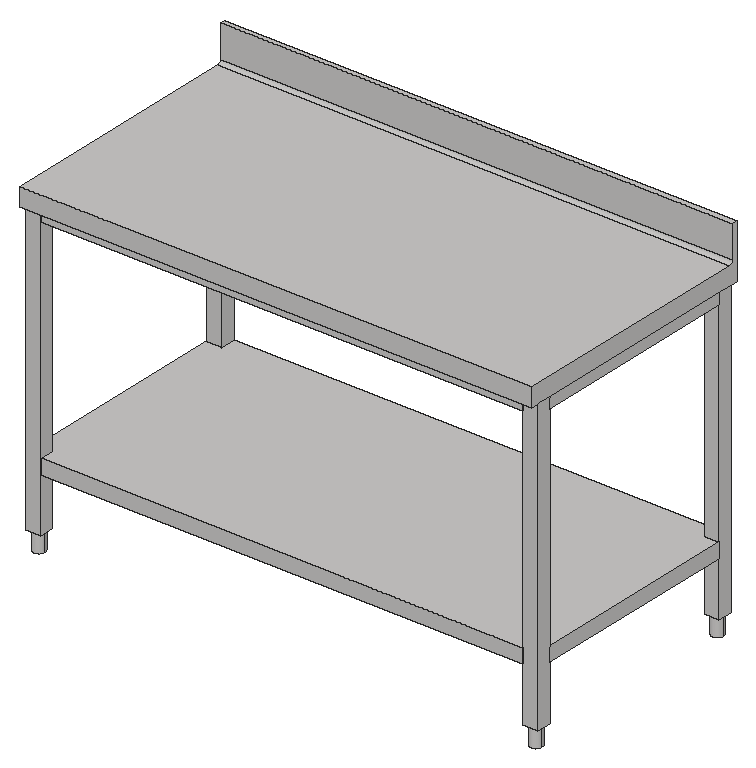
Revit family "QF_ELECTROLUXPROFESSIONAL_134097_LSGTG1410E", category Attrezzature speciali, Revit 2020
Family settings
  Quota connettore circolare = Usa diametro
  Tipo di parte = Normale
  Basato su piano di lavoro = No
  Sempre verticale = Sì
  Taglio con vuoti quando caricato = No
  Condiviso = No
  Punto di calcolo locali = No
Parameters (values of type "Standard")
  Weight = 48.50 kg
  Watts = 0 W
  Volts = 0 V
  URL Manufacturer = "https://www.electroluxprofessional.com/"
  URL = "https://www.electroluxprofessional.com/"
  Steam Supply Size = 0 mm
  Steam Supply Minimum Pressure = 0.0 Pa
  Steam Supply Maximum Pressure = 0.0 Pa
  Steam Consumption per Hour = 0
  Refrigeration Suction Line Size = 0.0 mm
  Refrigeration Liquid Line Size = 0.0 mm
  Refrigerant Compressor Remote = yes
  Prospetto di default = 0.0 mm
  Produttore = "Electrolux Professional"
  Phase = 0
  Modello = "LSGTG1410E"
  Length Actual = 1400.0 mm  # constant formula
  Item Number = "134097"
  Hot Water Size = 0 mm
  Height Actual = 1000.0 mm  # constant formula
  HP = "0 HP"
  Gas Size = 0 mm
  Gas KW = 0
  Gas Input Pressure = 0 W
  Direct Waste Size = 0 mm
  Descrizione = "WORK TABLE  1400 MM+UPSTAND+LOWER SHELF"
  Depth Actual = 700.0 mm  # constant formula
  Cycle = 0 Hz
  Condensate Return Size = 0 mm
  Compressed Air Volume = 0.0 L/s
  Compressed Air Size = 0 mm
  Compressed Air Pressure = 0.0 Pa
  Cold Water Size = 0 mm
  Accessory = yes
Reference planes
  plane 1 "Center (Front/Back)": y = 0
  plane 2: z = 0
  plane 3 "Center (Left/Right)": x = -200
  plane 4 "LEFT": x = -900
  plane 5 "RIGHT": x = 500
  plane 6 "BACK": y = 350
  plane 7 "FRONT": y = -350
  plane 8 "Base": z = 850
  plane 9 "TOP": z = 900
  plane 10: x = -880
  plane 11: x = 480
  plane 12: y = 310
  plane 13: y = -310
  plane 14 "TRAVERSI": z = 820
  plane 15: x = -860
  plane 16: x = 460
  plane 17: y = 290
  plane 18: y = -290
  plane 19: y = 330
  plane 20: y = -330
  plane 21 "Plane": z = 200
Forms (mm)
  Extrusion 1, solid, material "QF_Finishes_Stainless Steel"
    sketch origin (-200, 0, 0) x (0, 1, 0) y (0, 0, 1)
      loop
        line (-350, 850) -> (350, 850) -> (350, 1000) -> (337, 1000) -> (337, 910)
        arc (337, 910) -> (334.071, 902.929) -> (327, 900) r 10
        line (327, 900) -> (-350, 900) -> (-350, 850)
    from 700 to -700
  Extrusion 2, solid, material "QF_Finishes_Stainless Steel"
    sketch origin (0, 0, 820) x (0, 1, 0) y (-1, 0, 0)
      loop
        line (290, -460) -> (-290, -460) -> (-290, -500) -> (290, -500) -> (290, -460)
      loop
        line (290, 900) -> (-290, 900) -> (-290, 860) -> (290, 860) -> (290, 900)
    from 0 to 30
  Extrusion 3, solid, material "QF_Finishes_Stainless Steel"
    sketch origin (0, 0, 820) x (0, 1, 0) y (-1, 0, 0)
      loop
        line (330, -460) -> (330, 860) -> (290, 860) -> (290, -460) -> (330, -460)
      loop
        line (-290, 860) -> (-330, 860) -> (-330, -460) -> (-290, -460) -> (-290, 860)
    from 0 to 30
  Extrusion 4, solid, material "QF_Finishes_Stainless Steel"
    sketch origin (0, 0, 200) x (0, 1, 0) y (-1, 0, 0)
      loop
        line (290, 900) -> (-290, 900) -> (-290, 860) -> (-330, 860) -> (-330, -460) -> (-290, -460) -> (-290, -500) -> (290, -500) -> (290, -460) -> (330, -460) -> (330, 860) -> (290, 860) -> (290, 900)
    from 0 to 40
Lines and regions (mm)
  symbolic lines
    curve 1: line (500, 350, 900) -> (-900, 350, 900)
    curve 2: line (-900, 350, 900) -> (-900, -350, 900)
    curve 3: line (-900, -350, 900) -> (500, -350, 900)
    curve 4: line (500, -350, 900) -> (500, 350, 900)
    curve 5: line (-900, 337, 820) -> (500, 337, 820)
Dimensions and locks
  plane 4 "LEFT" to plane 5 "RIGHT" = 1400.0 mm
  equal spacing: plane 4 "LEFT", plane 3 "Center (Left/Right)", plane 5 "RIGHT"
  plane 4 "LEFT" to plane 10 = 20.0 mm
  plane 11 to plane 5 "RIGHT" = 20.0 mm
  plane 10 to plane 11 = 1360.0 mm
  plane 6 "BACK" to plane 12 = 40.0 mm
  plane 13 to plane 7 "FRONT" = 40.0 mm
  plane 6 "BACK" to plane 7 "FRONT" = 700.0 mm
  plane 12 to plane 13 = 620.0 mm
  equal spacing: plane 6 "BACK", plane 1 "Center (Front/Back)", plane 7 "FRONT"
  plane 8 "Base" to plane 14 "TRAVERSI" = 30.0 mm
  locked: plane 10 to plane 15 at 20
  locked: plane 16 to plane 11 at 20
  locked: plane 19 to plane 12 at 20
  locked: plane 12 to plane 17 at 20
  locked: plane 18 to plane 13 at 20
  locked: plane 13 to plane 20 at 20
  locked: plane 8 "Base" to level at 850
  locked: Extrusion 1 to level at 1000
  locked: plane 21 "Plane" to level at 200
  aligned and locked: level to plane 2
  aligned and locked: plane 10 to nested 1
  aligned and locked: nested 1 to plane 13
  aligned and locked: plane 11 to nested 2
  aligned and locked: nested 2 to plane 13
  aligned and locked: plane 11 to nested 4
  aligned and locked: nested 4 to plane 12
  aligned and locked: plane 10 to nested 3
  aligned and locked: nested 3 to plane 12
  aligned and locked: Extrusion 1 to plane 4 "LEFT"
  aligned and locked: plane 5 "RIGHT" to Extrusion 1
  aligned and locked: curve 2 to plane 4 "LEFT"
  aligned and locked: Extrusion 2 sketch curve to plane 5 "RIGHT"
  aligned and locked: Extrusion 2 sketch curve to plane 17  (x2)
  aligned and locked: plane 16 to Extrusion 2 sketch curve
  aligned and locked: plane 18 to Extrusion 2 sketch curve  (x2)
  aligned and locked: plane 4 "LEFT" to Extrusion 2 sketch curve
  aligned and locked: Extrusion 2 sketch curve to plane 15
  aligned and locked: plane 19 to Extrusion 3 sketch curve
  aligned and locked: Extrusion 3 sketch curve to plane 17
  aligned and locked: Extrusion 3 sketch curve to plane 18
  aligned and locked: plane 20 to Extrusion 3 sketch curve
  aligned and locked: Extrusion 3 sketch curve to plane 15
  aligned and locked: plane 15 to Extrusion 3 sketch curve
  aligned and locked: plane 16 to Extrusion 3 sketch curve
  aligned and locked: Extrusion 3 sketch curve to plane 16
  aligned and locked: curve 5 to Extrusion 1
  aligned and locked: plane 19 to Extrusion 4 sketch curve
  aligned and locked: plane 5 "RIGHT" to Extrusion 4 sketch curve
  aligned and locked: Extrusion 4 sketch curve to plane 4 "LEFT"
  aligned and locked: Extrusion 4 sketch curve to plane 20
  aligned and locked: Extrusion 4 sketch curve to Extrusion 2
  aligned and locked: Extrusion 4 sketch curve to plane 15
  aligned and locked: plane 17 to Extrusion 4 sketch curve  (x2)
  aligned and locked: Extrusion 4 sketch curve to plane 18  (x2)
  aligned and locked: plane 16 to Extrusion 4 sketch curve  (x2)
Automatic sketch dimensions
  curve 3 to plane 7 "FRONT" = 0.0 mm
  curve 4 to plane 6 "BACK" = 0.0 mm
  curve 4 to plane 5 "RIGHT" = 0.0 mm
  Extrusion 1 sketch curve to plane 7 "FRONT" = 0.0 mm
  Extrusion 1 sketch curve to plane 9 "TOP" = 0.0 mm
  Extrusion 1 sketch curve to plane 6 "BACK" = 0.0 mm
  Extrusion 1 sketch curve to plane 8 "Base" = 0.0 mm
  Extrusion 1 sketch curve to plane 19 = 3.0 mm
  plane 19 to Extrusion 1 sketch curve = 7.0 mm
  Extrusion 1 sketch curve to Extrusion 1 sketch curve = 90.0 mm
  curve 5 to plane 5 "RIGHT" = 0.0 mm
  curve 5 to plane 4 "LEFT" = 0.0 mm
Nested families
  nested 1: "FEET_40x40_P50" at (-880, -310, 0), type "FEET_40x40_P50"
  nested 2: "FEET_40x40_P50" at (480, -310, 0), type "FEET_40x40_P50"
  nested 3: "FEET_40x40_P50" at (-880, 310, 0), type "FEET_40x40_P50"
  nested 4: "FEET_40x40_P50" at (480, 310, 0), type "FEET_40x40_P50"
Definition of nested family "FEET_40x40_P50"
  Parameters
    Default Elevation = 0.0 mm
    FEET = 850.0 mm
  Reference planes
    plane 1 "Center (Front/Back)": y = 0
    plane 2: z = 0
    plane 3 "Center (Left/Right)": x = 0
    plane 4: z = 850
  Forms (mm)
    Extrusion 1, solid
      sketch origin (0, 0, 0) x (1, 0, 0) y (0, 1, 0)
        loop
          line (-20, -20) -> (20, -20) -> (20, 20) -> (-20, 20) -> (-20, -20)
      from 50 to 850
    Extrusion 2, solid
      sketch origin (0, 0, 0) x (1, 0, 0) y (0, 1, 0)
        loop
          circle (0, 0) r 16
      from 0 to 50
  Lines and regions (mm)
    symbolic lines
      curve 1: line (0, -1.503, 0) -> (0, 1.508, 0)
      curve 2: line (1.561, 0, 0) -> (-1.439, 0, 0)
  Dimensions and locks
    "FEET": plane 4 to plane 2
    aligned and locked: level to plane 2
  Automatic sketch dimensions
    Extrusion 1 sketch curve to plane 3 "Center (Left/Right)" = 20.0 mm
    plane 3 "Center (Left/Right)" to Extrusion 1 sketch curve = 20.0 mm
    plane 1 "Center (Front/Back)" to Extrusion 1 sketch curve = 20.0 mm
    Extrusion 1 sketch curve to plane 1 "Center (Front/Back)" = 20.0 mm
    plane 1 "Center (Front/Back)" to Extrusion 2 sketch curve = 0.0 mm
    Extrusion 2 sketch curve to plane 3 "Center (Left/Right)" = 0.0 mm
    plane 1 "Center (Front/Back)" to curve 2 = 0.0 mm
    curve 1 to plane 3 "Center (Left/Right)" = 0.0 mm
    curve 2 to plane 3 "Center (Left/Right)" = 1.439 mm
    plane 3 "Center (Left/Right)" to curve 2 = 1.561 mm
    plane 1 "Center (Front/Back)" to curve 1 = 1.503 mm
    curve 1 to plane 1 "Center (Front/Back)" = 1.508 mm
    radius of Extrusion 2 sketch curve = 16.0 mm
